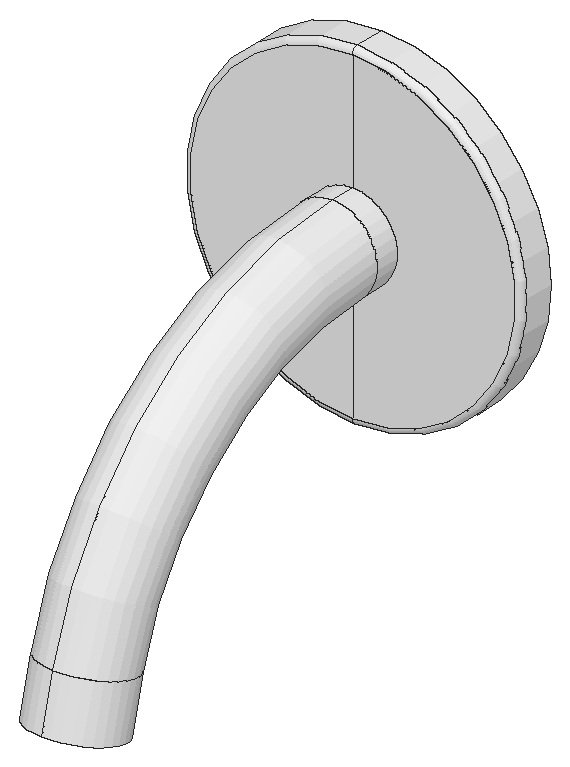
Revit family "PRD_FrankeWS_ShwrFttngsPckg_WallArm_ZAQUA033", category Specialty Equipment, Revit 2018
Family settings
  Round Connector Dimension = Use Diameter
  Part Type = Normal
  OmniClass Number = 23.45.55.11
  OmniClass Title = Sanitary Components
  Work Plane-Based = No
  Always vertical = Yes
  Cut with Voids When Loaded = Yes
  Shared = No
  Room Calculation Point = No
Parameters (values of type "ZAQUA033")
  WarrantyStartDate [instance] = "1900-12-31T23:59:59"
  WarrantyGuarantorParts = "n/a"
  WarrantyGuarantorLabor = "n/a"
  WarrantyDurationUnit = "year"
  WarrantyDurationParts = "n/a"
  WarrantyDurationLabor = "n/a"
  WarrantyDescription = "n/a"
  Version = "1"
  Uniclass2015Version = "Products v1.23"
  Uniclass2015Title = "Shower fittings package"
  Uniclass2015Code = "Pr_40_20_87_75"
  URL = "www.kwc.com"
  TypeOfShowerPipe = "n/a"
  TypeOfConnection = "Wall connection"
  Type = "Cantilever"
  TailorMade = "No"
  TagNumber [instance] = "n/a"
  SustainabilityPerformance = "n/a"
  Status = "New"
  Size = "n/a"
  Shape = "n/a"
  SerialNumber [instance] = "n/a"
  Revision = "n/a"
  ReplacementCost = "n/a"
  Reference = "n/a"
  QuantityUom = "n/a"
  Quantity = "n/a"
  ProductInformation = "https://pim.kwc.com/product/2000100914/attachment/datasheet?locale=en"
  ProductCode = "210.0574.298"
  NominalWidth = 0 mm
  NominalLength = 0 mm
  NominalHeight = 0 mm
  NominalDepth = 0 mm
  NetWeight = 0.49 kg
  Name = "Wall arm ZAQUA033"
  NBSTypeID = "n/a"
  NBSReference = "45-35-70/330"
  NBSOfficeMasterTag = "n/a"
  NBSNote = "n/a"
  NBSDescription = "Shower fittings package"
  NBSCertification = "n/a"
  ModelReference = "ZAQUA033"
  ModelNumber = "2000100914"
  Model = ModelReference  # "ZAQUA033"
  Material = "brass"
  ManufacturerURL = "www.kwc.com"
  ManufacturerName = "KWC Group AG"  # constant formula
  Manufacturer = ManufacturerName  # "KWC Group AG"
  IntegralAccessories = "n/a"
  InstallationDate [instance] = "1900-12-31T23:59:59"
  InletSize = "DN 15"
  IfcExportType = "USERDEFINED"
  IfcExportAs = "IfcSanitaryTerminalType"
  GrossWeight = 0.50 kg
  Grade = "n/a"
  Finish = "polished chromium-plated"
  Features = "polished chrome-plated brass"
  ExpectedLife = "n/a"
  DurationUnit = "year"
  Description = "Wall arm with fixed wall flange, polished chromium-plated brass, connections G 1/2 B on both sides, projection 85 mm."
  CreatedOn = "05/2022"  # constant formula
  Constituents = "n/a"
  Color = "n/a"
  CodePerformance = "n/a"
  Category = "Pr_40_20_87_75, Shower fittings package"
  BodyMaterial = PRD_AR_ChromatedBrass_HighPolished
  BarCode [instance] = "n/a"
  BIMObjectName = "PRD_AR_ShowerFittingsPackage_WallArm_ZAQUA033"
  Author = "Archispace"  # constant formula
  AssetType = "Fixed"
  AssetIdentifier [instance] = "n/a"
  AccessibilityPerformance = "n/a"
Reference planes
  plane 1 "Center (Front/Back)": y = 0
  plane 2: z = 0
  plane 3 "Center (Left/Right)": x = 0
Forms (mm)
  Revolve 1, solid, material "PRD_AR_ChromatedBrass_HighPolished" <- "BodyMaterial", detail levels fine
    sketch origin (0, 0, 0) x (0, 1, 0) y (0, 0, 1)
      loop
        line (15.5, 0) -> (15.5, 10.478) -> (0, 10.478) -> (0, 40) -> (-7, 40)
        arc (-7, 40) -> (-8.061, 39.561) -> (-8.5, 38.5) r 1.5
        line (-8.5, 38.5) -> (-8.5, 0) -> (15.5, 0)
      axis (-8.5, 0) -> (15.5, 0)
    angle from 0 to 360
  Sweep 2, solid, material "PRD_AR_ChromatedBrass_HighPolished" <- "BodyMaterial"
    path origin (0, 0, 0) x (0, 1, 0) y (0, 0, 1)
      loop
        line (-8.5, 0) -> (-14.5, 0)
        arc (-14.5, 0) -> (-60.157, -15.498) -> (-86.944, -55.589) r 75
        line (-86.944, -55.589) -> (-90.309, -68.146)
    profile origin (0, -60.157, -15.498) x (0, 0.608761, -0.793353) y (1, 0, 0)
      loop
        circle (0, 0) r 10.5
  Revolve 3, solid, material "PRD_AR_ChromatedBrass_HighPolished" <- "BodyMaterial", detail levels coarse+medium
    sketch origin (0, 0, 0) x (0, 1, 0) y (0, 0, 1)
      loop
        line (15.5, 0) -> (15.5, 10.478) -> (0, 10.478) -> (0, 40) -> (-8.5, 40) -> (-8.5, 0) -> (15.5, 0)
      axis (-8.5, 0) -> (15.5, 0)
    angle from 0 to 360
  Revolve 4, void
    sketch origin (0, 0, 0) x (0, 1, 0) y (0, 0, 1)
      loop
        line (0, 0) -> (15.5, 0) -> (15.5, 10.478) -> (0, 10.478) -> (0, 0)
      axis (0, 0) -> (15.5, 0)
    angle from 0 to 360
Dimensions and locks
  aligned and locked: level to plane 2
